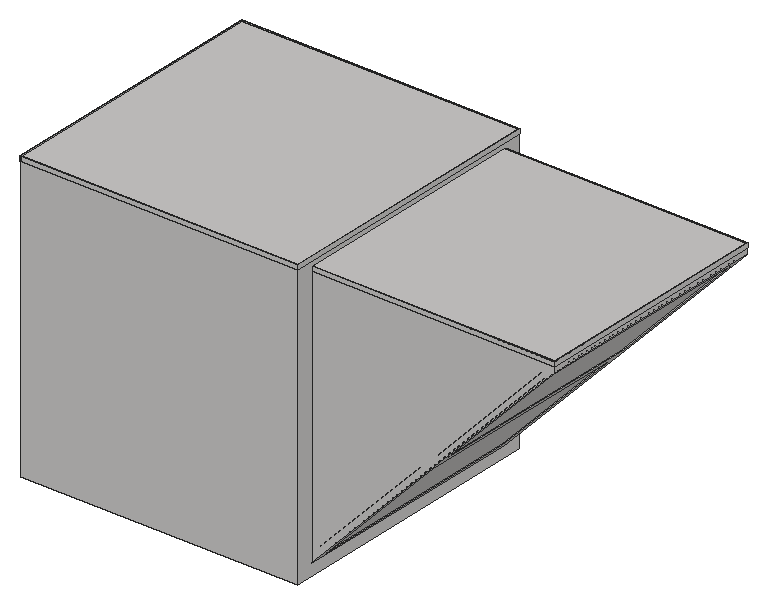
Revit family "Filtered_Supply_Centrifugal-Carnes-VNBL", category Mechanical Equipment, Revit 2012
Parameters (values of type "20 @ 45°")
  ecoScorecard_data = ""
  ecoScorecard Product Page = "http://ecoscorecard.com/"
  Wattage = 0 W
  Warranty = ""
  Voltage = 0 V
  Volt Code = ""
  Unit = Metal - Carnes - Steel
  URL = "http://www.carnes.com/index.html"
  Subcategory = "Filtered Supply Centrifugal"  # constant formula
  Spec Sheet URL = "http://www.carnes.com/Ventilation/pdf/22310.pdf"
  Product Page URL = "http://www.carnes.com/Ventilation/VNBL.htm"
  Power Factor = 0
  Phase = 1
  Parts List URL = ""
  Number of Poles = 1
  Motor Type = ""
  Modeling Numbering System = ""
  Model = "VNBL"  # constant formula
  Material = ""
  Manufacturer Toll Free Phone = ""
  Manufacturer Phone = "608-845-6411"  # constant formula
  Manufacturer Fax = "608-845-6470"  # constant formula
  Manufacturer Email = "mailto:carnes@carnes.com"
  Manufacturer Address = "448 S. Main St., P. O. Box 930040, Verona, WI 53593-0040"  # constant formula
  Manufacturer = "CARNES COMPANY"  # constant formula
  J = 39 3/4"
  IOM Instructions URL = "http://www.carnes.com/Ventilation/pdf/1312.pdf"
  I = 25"
  H = 23"
  G = 14 1/2"
  Frequency = 0 Hz
  F = 11 1/2"
  E = 1 7/8"  # constant formula
  Description = "Filtered Supply Centrifugal"  # constant formula
  Default Elevation = 0"  # constant formula
  D = 44 1/8"
  Cost Info = "mailto:carnes@carnes.com"
  Catalog URL = "http://www.carnes.com/Ventilation/pdf/C166-178.pdf"
  C = 40 1/8"
  B sq. = 45 3/4"
  Assembly Code = "D3040200"
  Apparent Load = 0 VA
  Amperage = 0 A
  A = 47 1/2"
  95 CSI = "15850"  # constant formula
  04 CSI = "23 37 13"  # constant formula
Types (6): name | J | I | H | G | F | D | C | B sq. | A
  (no name) | 39 3/4" | 25" | 23" | 14 1/2" | 11 1/2" | 44 1/8" | 40 1/8" | 45 3/4" | 47 1/2"
  10 @ 45° | 23 3/4" | 11 5/8" | 13 7/8" | 9 1/4" | 8 7/8" | 21 1/8" | 21 3/4" | 29 3/4" | 24 1/2"
  12 @ 45° | 27 3/4" | 13 5/8" | 15 3/4" | 10 1/8" | 9 1/8" | 28 1/8" | 29" | 33 3/4" | 31 1/2"
  15 @ 45° | 27 3/4" | 16 1/8" | 18 7/8" | 9 7/8" | 7 5/8" | 28 1/8" | 29" | 33 3/4" | 31 1/2"
  18 @ 45° | 33 3/4" | 19 1/8" | 22 1/8" | 13 1/4" | 9" | 32 1/8" | 32 1/8" | 39 3/4" | 35 1/2"
  20 @ 45° | 39 3/4" | 25" | 23" | 14 1/2" | 11 1/2" | 44 1/8" | 40 1/8" | 45 3/4" | 47 1/2"
Reference planes (in)
  plane 1 "Center (Front/Back)": y = 0
  plane 2: z = 0
  plane 3 "Center (Left/Right)": x = 0
  plane 4: y = 22.875
  plane 5: y = -22.875
Dimensions and locks (in)
  equal spacing: plane 4, plane 1 "Center (Front/Back)", plane 5
  "B sq.": plane 4 to plane 5
  aligned and locked: level to plane 2
  aligned and locked: plane 1 "Center (Front/Back)" to nested 1
  aligned and locked: plane 1 "Center (Front/Back)" to nested 2
  aligned and locked: plane 3 "Center (Left/Right)" to nested 2
  aligned and locked: plane 3 "Center (Left/Right)" to nested 1
Nested families (in)
  nested 1: "Filter" at (20.0625, 0, 0), type "Filter"
    with j 39 3/4", D 44 1/8", C 40 1/8"
  nested 2: "FILTERED SUPPLY CENTRIFUGAL - BELT DRIVE" at (-22.875, 0, 0), type "CENTRIFUGAL - BELT DRIVE"
    with A 47 1/2", B 45 3/4"
Definition of nested family "Filter"
  Parameters (values of type "Filter")
    j = 23 3/4"
    Offset = 1.00075"
    Material = Metal - Carnes - Steel
    Filter = Metal - Carnes - Steel- Filter
    E = 1 7/8"
    D = 21 1/8"
    C = 21 3/4"
  Reference planes (in)
    plane 1 "Center (Front/Back)": y = 0
    plane 2: z = 0
    plane 3 "Center (Left/Right)": x = 0
    plane 4: x = -10.875
    plane 5: x = 10.875
    plane 6: y = 11.875
    plane 7: y = -11.875
    plane 8: z = 23
    plane 9: z = 1.875
    plane 10: z = 21.25
    plane 11: x = 9.875
    plane 12: z = 20.35743
    plane 13: y = -10.87425
    plane 14: y = 10.87425
    plane 15: z = 21.25
    plane 16: x = -10.75
  Forms (in)
    Sweep 1, solid, material "Metal - Carnes - Steel" <- "Material", detail levels medium+fine
      path origin (0, 0, 0) x (1, 0, 0) y (0, 1, 0)
        loop
          line (-10.875, -11.875) -> (10.875, -11.875) -> (10.875, 11.875) -> (-10.875, 11.875)
      profile origin (0, -11.875, 0) x (0, 1, 0) y (0, 0, 1)
        loop
          line (0, 23) -> (-0.125, 23) -> (-0.125, 22.25) -> (0, 22.25) -> (0, 23)
    Sweep 2, solid, material "Metal - Carnes - Steel" <- "Material", detail levels fine
      path origin (0, 0, 0) x (1, 0, 0) y (0, 1, 0)
        loop
          line (0, 11.875) -> (0, -11.875)
      profile origin (0, 0, 0) x (1, 0, 0) y (0, 0, 1)
        loop
          line (-10.875, 1.875) -> (10.875, 21.25) -> (10.875, 23) -> (-10.875, 23) -> (-10.875, 1.875)
    Extrusion 3, void, detail levels fine
      sketch origin (0, 0, 0) x (1, 0, 0) y (0, 0, 1)
        loop
          line (-10.375, 2.3204) -> (-0.68782, 10.94978) -> (-1.48856, 11.75052) -> (-10.375, 3.96678) -> (-10.375, 2.3204)
        loop
          line (9.30691, 21.20641) -> (0.09168, 12.90733) -> (0.68782, 12.17522) -> (9.87302, 20.35743) -> (9.30691, 21.20641)
      from -10.87425 to 10.87425
    Extrusion 4, solid, material "Metal - Carnes - Steel- Filter" <- "Filter", detail levels fine
      sketch origin (0, 0, -11) x (1, 0, 0) y (0, 0, 1)
        loop
          line (-10.375, 13.76664) -> (9.86681, 31.36675) -> (9.30691, 32.20641) -> (-10.375, 14.96678) -> (-10.375, 13.76664)
      from -10.87425 to 10.87425
    Sweep 5, solid, material "Metal - Carnes - Steel" <- "Material", detail levels coarse
      path origin (0, 0, 0) x (1, 0, 0) y (0, 0, 1)
        loop
          line (0, 23) -> (0, 0)
      profile origin (0, 0, 11.5) x (0, -1, 0) y (1, 0, 0)
        loop
          line (-11.875, -10.875) -> (11.875, -10.875) -> (11.875, 10.875) -> (-11.875, 10.875) -> (-11.875, -10.875)
    Sweep 6, solid, material "Metal - Carnes - Steel" <- "Material", detail levels medium
      path origin (0, 40, 0) x (1, 0, 0) y (0, 1, 0)
        loop
          line (0, -28.125) -> (0, -51.875)
      profile origin (0, 0, 0) x (1, 0, 0) y (0, 0, 1)
        loop
          line (-10.875, 1.875) -> (10.875, 21.25) -> (10.875, 23) -> (-10.875, 23) -> (-10.875, 1.875)
  Cuts and joins
    Extrusion 3 cuts Sweep 2
  Lines and regions (in)
    symbolic lines
      curve 1: line (-10.75, -11.875, 0) -> (10.875, -11.875, 0)
      curve 2: line (-10.75, 11.875, 0) -> (10.875, 11.875, 0)
      curve 3: line (10.875, 11.875, 0) -> (10.875, -11.875, 0)
      curve 7: line (0, 11.875, 23) -> (0, -11.875, 23)
      curve 11: line (0, -11.875, 22.25) -> (0, -11.875, 1.875)
      curve 18: line (-10.875, 0, 23) -> (10.875, 0, 23)
      curve 28: line (-10.875, 0, 1.875) -> (-10.875, 0, 23)
      curve 38: line (0, 11.875, 1.875) -> (0, 11.875, 22.25)
    symbolic lines, detail levels medium+fine
      curve 4: line (11, 12, 0) -> (-10.75, 12, 0)
      curve 5: line (11, -12, 0) -> (11, 12, 0)
      curve 6: line (-10.75, -12, 0) -> (11, -12, 0)
      curve 13: line (0, -12, 22.25) -> (0, 12, 22.25)
      curve 14: line (0, -12, 23) -> (0, -12, 22.25)
      curve 15: line (0, 12, 22.25) -> (0, 12, 23)
      curve 16: line (0, 11.875, 23) -> (0, 12, 23)
      curve 17: line (0, -11.875, 23) -> (0, -12, 23)
      curve 23: line (-10.875, 0, 22.25) -> (11, 0, 22.25)
      curve 24: line (11, 0, 22.25) -> (11, 0, 23)
      curve 25: line (11, 0, 23) -> (10.875, 0, 23)
      curve 26: line (-10.875, 0, 1.875) -> (10.875, 0, 21.25)
      curve 27: line (10.875, 0, 21.25) -> (10.875, 0, 22.25)
      curve 31: line (0, 11.875, 21.25) -> (0, -11.875, 21.25)
      curve 33: line (-10.75, 11.875, 0) -> (-10.75, -11.875, 0)
      curve 34: line (-10.75, 12, 0) -> (-10.75, 11.875, 0)
      curve 35: line (-10.75, -12, 0) -> (-10.75, -11.875, 0)
      curve 39: line (0, -11.875, 1.875) -> (0, 11.875, 1.875)
    symbolic lines, detail levels coarse
      curve 8: line (0, 11.875, 0) -> (0, 11.875, 1.875)
      curve 9: line (0, -11.875, 0) -> (0, 11.875, 0)
      curve 10: line (0, -11.875, 23) -> (0, -11.875, 22.25)
      curve 12: line (0, 11.875, 22.25) -> (0, 11.875, 23)
      curve 19: line (-10.875, 0, 0) -> (-10.875, 0, 1.875)
      curve 20: line (10.875, 0, 0) -> (-10.875, 0, 0)
      curve 21: line (10.875, 0, 23) -> (10.875, 0, 22.25)
      curve 22: line (10.875, 0, 22.25) -> (10.875, 0, 0)
      curve 36: line (-10.75, 11.875, 0) -> (-10.875, 11.875, 0)
      curve 37: line (-10.75, -11.875, 0) -> (-10.875, -11.875, 0)
      curve 40: line (0, -11.875, 1.875) -> (0, -11.875, 0)
    symbolic lines, detail levels fine
      curve 29: line (0, 10.87425, 2.34776) -> (0, 10.87425, 10.94978)
      curve 30: line (0, -10.87425, 2.34776) -> (0, -10.87425, 10.94978)
      curve 32: line (0, 10.87425, 2.34776) -> (0, -10.87425, 2.34776)
      curve 41: line (0, 10.87425, 12.17522) -> (0, -10.87425, 12.17522)
      curve 42: line (0, -10.87425, 10.94978) -> (0, 10.87425, 10.94978)
      curve 43: line (0, 10.87425, 2.76664) -> (0, -10.87425, 2.76664)
      curve 44: line (0, -10.87425, 20.36675) -> (0, 10.87425, 20.36675)
      curve 45: line (0, 10.87425, 12.17522) -> (0, 10.87425, 20.36675)
      curve 46: line (0, -10.87425, 12.17522) -> (0, -10.87425, 20.36675)
  Dimensions and locks (in)
    equal spacing: plane 4, plane 3 "Center (Left/Right)", plane 5
    equal spacing: plane 6, plane 1 "Center (Front/Back)", plane 7
    "D": plane 8 to plane 9
    "j": plane 6 to plane 7
    "C": plane 4 to plane 5
    locked: Sweep 1 sketch curve to plane 8 at 0.75
    "E": plane 9 to level
    locked: plane 8 to plane 10 at 1.75
    locked: plane 11 to plane 5 at 1
    locked: plane 8 to plane 12 at 2.64257
    "Offset": plane 7 to plane 13
    "Offset": plane 14 to plane 6
    locked: Extrusion 3 sketch curve to plane 4 at 0.5
    locked: plane 8 to plane 15 at 1.75
    locked: plane 4 to plane 16 at 0.125
    aligned and locked: plane 2 to level
    aligned and locked: plane 7 to Sweep 1 sketch curve
    aligned and locked: Sweep 1 sketch curve to plane 6
    aligned and locked: plane 5 to Sweep 1 sketch curve
    aligned and locked: Sweep 1 sketch curve to plane 8
    aligned and locked: Sweep 2 sketch curve to plane 3 "Center (Left/Right)"
    aligned and locked: plane 6 to Sweep 2 sketch curve
    aligned and locked: plane 7 to Sweep 2 sketch curve
    aligned and locked: Sweep 2 sketch curve to plane 8
    aligned and locked: Sweep 2 sketch curve to plane 4
    aligned and locked: plane 5 to Sweep 2 sketch curve  (x2)
    aligned and locked: plane 9 to Sweep 2 sketch curve
    aligned and locked: plane 10 to Sweep 2 sketch curve
    aligned and locked: Sweep 2 to Extrusion 3 sketch curve
    aligned and locked: cut or joined group of Sweep 2, Extrusion 3 to plane 13
    aligned and locked: cut or joined group of Sweep 2, Extrusion 3 to plane 14
    aligned and locked: cut or joined group of Sweep 2, Extrusion 3 to Extrusion 3 sketch curve
    aligned and locked: Extrusion 4 sketch curve to cut or joined group of Sweep 2, Extrusion 3  (x2)
    aligned and locked: cut or joined group of Sweep 2, Extrusion 3 to Extrusion 4 sketch curve
    aligned and locked: Extrusion 4 to plane 13
    aligned and locked: Extrusion 4 to plane 14
    aligned and locked: Sweep 5 sketch curve to plane 3 "Center (Left/Right)"
    aligned and locked: plane 8 to Sweep 5 sketch curve
    aligned and locked: level to Sweep 5 sketch curve
    aligned and locked: plane 4 to Sweep 5 sketch curve
    aligned and locked: plane 6 to Sweep 5 sketch curve
    aligned and locked: Sweep 5 sketch curve to plane 7
    aligned and locked: Sweep 5 sketch curve to plane 5
    aligned and locked: plane 6 to Sweep 6 sketch curve
    aligned and locked: plane 7 to Sweep 6 sketch curve
    aligned and locked: Sweep 6 sketch curve to plane 8
    aligned and locked: Sweep 6 sketch curve to plane 5
    aligned and locked: plane 15 to Sweep 6 sketch curve
    aligned and locked: plane 9 to Sweep 6 sketch curve
    aligned and locked: plane 4 to Sweep 6 sketch curve
    aligned and locked: plane 5 to curve 3
    aligned and locked: curve 5 to Sweep 1
    aligned and locked: plane 8 to curve 7
    aligned and locked: curve 9 to level
    aligned and locked: curve 8 to plane 6
    aligned and locked: curve 10 to plane 7
    aligned and locked: curve 14 to Sweep 1
    aligned and locked: curve 15 to Sweep 1
    aligned and locked: curve 17 to plane 8
    aligned and locked: plane 4 to curve 19
    aligned and locked: plane 5 to curve 21
    aligned and locked: curve 18 to plane 8
    aligned and locked: level to curve 20
    aligned and locked: curve 24 to Sweep 1
    aligned and locked: curve 25 to plane 8
    aligned and locked: plane 4 to Sweep 1 sketch curve  (x2)
    aligned and locked: curve 26 to Sweep 6
    aligned and locked: curve 27 to Sweep 6
    aligned and locked: plane 9 to curve 19
    aligned and locked: curve 4 to Sweep 1
    aligned and locked: curve 29 to plane 14
    aligned and locked: plane 13 to curve 30
    aligned and locked: cut or joined group of Sweep 2, Extrusion 3 to curve 31
    aligned and locked: curve 34 to curve 33
    aligned and locked: Sweep 1 to curve 35
    aligned and locked: plane 6 to curve 36
    aligned and locked: plane 16 to curve 36
    aligned and locked: plane 4 to curve 36
    aligned and locked: plane 4 to curve 37
    aligned and locked: plane 16 to curve 37
    aligned and locked: curve 37 to plane 7
    aligned and locked: curve 41 to cut or joined group of Sweep 2, Extrusion 3
    aligned and locked: curve 42 to cut or joined group of Sweep 2, Extrusion 3
    aligned and locked: curve 43 to Extrusion 4
  Automatic sketch dimensions
    profile plane to Sweep 1 sketch curve = 1/8"
    Extrusion 3 sketch curve to plane 12 = 0"
    Extrusion 3 sketch curve to plane 3 "Center (Left/Right)" = 1.48856"
    Extrusion 3 sketch curve to plane 3 "Center (Left/Right)" = 0.68782"
    plane 3 "Center (Left/Right)" to Extrusion 3 sketch curve = 0.09168"
    plane 3 "Center (Left/Right)" to Extrusion 3 sketch curve = 0.68782"
    plane 11 to Extrusion 3 sketch curve = 0.56809"
    Extrusion 3 sketch curve to Extrusion 3 sketch curve = 1.64638"
    Extrusion 3 sketch curve to Extrusion 3 sketch curve = 0.80074"
    Extrusion 3 sketch curve to Extrusion 3 sketch curve = 0.73211"
    Extrusion 3 sketch curve to plane 12 = 0.84898"
    Sweep 6 sketch curve to plane 3 "Center (Left/Right)" = 0"
    Sweep 1 sketch curve to profile plane = 0"
    curve 27 to curve 26 = 0"
    curve 23 to curve 18 = 3/4"
    curve 27 to curve 23 = 0"
    plane 11 to Extrusion 4 sketch curve = 0.00819"
    Extrusion 4 sketch curve to plane 9 = 0.89164"
    plane 9 to curve 8 = 0"
    curve 10 to plane 8 = 3/4"
    curve 13 to plane 8 = 3/4"
    curve 38 to curve 13 = 0"
    curve 30 to curve 43 = 0.41888"
    curve 46 to curve 31 = 0.88325"
    curve 44 to plane 13 = 0"
    curve 45 to plane 14 = 0"
Definition of nested family "FILTERED SUPPLY CENTRIFUGAL - BELT DRIVE"
  Parameters (values of type "CENTRIFUGAL - BELT DRIVE")
    Material = none
    A = 35 1/2"
    B = 39 3/4"
  Reference planes (in)
    plane 1 "Center (Front/Back)": y = 0
    plane 2: z = 0
    plane 3 "Center (Left/Right)": x = 0
    plane 4: x = -19.875
    plane 5: x = 19.875
    plane 6: y = 19.875
    plane 7: y = -19.875
    plane 8: z = 35.5
  Forms (in)
    Sweep 1, solid, material <- "Material"
      path origin (0, 0, 0) x (1, 0, 0) y (0, 0, 1)
        loop
          line (0, 35.5) -> (0, 0)
      profile origin (0, 0, 17.75) x (0, -1, 0) y (1, 0, 0)
        loop
          line (-19.875, -19.875) -> (19.875, -19.875) -> (19.875, 19.875) -> (-19.875, 19.875) -> (-19.875, -19.875)
    Sweep 2, solid, material <- "Material", detail levels medium+fine
      path origin (0, 0, 0) x (1, 0, 0) y (0, 1, 0)
        loop
          line (-19.875, 19.875) -> (-19.875, -19.875) -> (19.875, -19.875) -> (19.875, 19.875) -> (-19.875, 19.875)
      profile origin (-19.875, 0, 0) x (1, 0, 0) y (0, 0, 1)
        loop
          line (0, 35.5) -> (-0.125, 35.5) -> (-0.125, 34.75) -> (0, 34.75) -> (0, 35.5)
  Lines and regions (in)
    symbolic lines
      curve 1: line (-19.875, 19.875, 0) -> (19.875, 19.875, 0)
      curve 2: line (-19.875, 19.875, 0) -> (-19.875, -19.875, 0)
      curve 3: line (-19.875, -19.875, 0) -> (19.875, -19.875, 0)
      curve 4: line (19.875, 19.875, 0) -> (19.875, -19.875, 0)
      curve 5: line (-19.875, 0, 35.5) -> (19.875, 0, 35.5)
      curve 6: line (-19.875, 0, 0) -> (-19.875, 0, 34.75)
      curve 7: line (19.875, 0, 0) -> (-19.875, 0, 0)
      curve 10: line (19.875, 0, 34.75) -> (19.875, 0, 0)
      curve 16: line (0, 19.875, 0) -> (0, 19.875, 34.75)
      curve 17: line (0, 19.875, 35.5) -> (0, -19.875, 35.5)
      curve 18: line (0, 19.875, 0) -> (0, -19.875, 0)
      curve 19: line (0, -19.875, 0) -> (0, -19.875, 34.75)
    symbolic lines, detail levels coarse
      curve 8: line (19.875, 0, 35.5) -> (19.875, 0, 34.75)
      curve 9: line (-19.875, 0, 34.75) -> (-19.875, 0, 35.5)
      curve 20: line (0, -19.875, 34.75) -> (0, -19.875, 35.5)
      curve 21: line (0, 19.875, 34.75) -> (0, 19.875, 35.5)
    symbolic lines, detail levels medium+fine
      curve 11: line (-20, 0, 35.5) -> (-20, 0, 34.75)
      curve 12: line (-20, 0, 34.75) -> (20, 0, 34.75)
      curve 13: line (-20, 0, 35.5) -> (-19.875, 0, 35.5)
      curve 14: line (20, 0, 35.5) -> (20, 0, 34.75)
      curve 15: line (20, 0, 35.5) -> (19.875, 0, 35.5)
      curve 22: line (0, 20, 34.75) -> (0, 20, 35.5)
      curve 23: line (0, -20, 34.75) -> (0, 20, 34.75)
      curve 24: line (0, 20, 35.5) -> (0, 19.875, 35.5)
      curve 25: line (0, -20, 34.75) -> (0, -20, 35.5)
      curve 26: line (0, -20, 35.5) -> (0, -19.875, 35.5)
      curve 27: line (-20, 20, 0) -> (-20, -20, 0)
      curve 28: line (20, 20, 0) -> (-20, 20, 0)
      curve 29: line (20, -20, 0) -> (20, 20, 0)
      curve 30: line (-20, -20, 0) -> (20, -20, 0)
  Dimensions and locks (in)
    equal spacing: plane 4, plane 3 "Center (Left/Right)", plane 5
    equal spacing: plane 6, plane 1 "Center (Front/Back)", plane 7
    "A": plane 8 to level
    "B": plane 6 to plane 7
    "B": plane 4 to plane 5
    locked: Sweep 2 sketch curve to plane 8 at 0.75
    aligned and locked: plane 2 to level
    aligned and locked: Sweep 1 sketch curve to plane 3 "Center (Left/Right)"
    aligned and locked: plane 8 to Sweep 1 sketch curve
    aligned and locked: level to Sweep 1 sketch curve
    aligned and locked: plane 6 to Sweep 1 sketch curve
    aligned and locked: Sweep 1 sketch curve to plane 4
    aligned and locked: plane 7 to Sweep 1 sketch curve
    aligned and locked: Sweep 1 sketch curve to plane 5
    aligned and locked: Sweep 2 sketch curve to plane 4  (x2)
    aligned and locked: plane 7 to Sweep 2 sketch curve
    aligned and locked: Sweep 2 sketch curve to plane 6
    aligned and locked: Sweep 2 sketch curve to plane 5
    aligned and locked: Sweep 2 sketch curve to plane 8
    aligned and locked: curve 1 to plane 6
    aligned and locked: curve 2 to plane 4
    aligned and locked: plane 7 to curve 3
    aligned and locked: curve 4 to plane 5
    aligned and locked: level to curve 7
    aligned and locked: plane 4 to curve 6
    aligned and locked: plane 5 to curve 8
    aligned and locked: curve 11 to Sweep 2
    aligned and locked: curve 12 to Sweep 2
    aligned and locked: curve 13 to plane 8
    aligned and locked: plane 4 to curve 13
    aligned and locked: plane 8 to Sweep 2
    aligned and locked: curve 14 to Sweep 2
    aligned and locked: plane 6 to curve 16
    aligned and locked: plane 8 to curve 17
    aligned and locked: level to curve 18
    aligned and locked: curve 19 to plane 7
    aligned and locked: curve 22 to Sweep 2
    aligned and locked: curve 23 to Sweep 2
    aligned and locked: curve 24 to plane 8
    aligned and locked: plane 6 to curve 24
    aligned and locked: curve 24 to Sweep 2
    aligned and locked: plane 7 to curve 26
    aligned and locked: plane 8 to curve 26
    aligned and locked: curve 27 to Sweep 2
    aligned and locked: curve 28 to Sweep 2
    aligned and locked: curve 29 to Sweep 2
    aligned and locked: curve 30 to Sweep 2
  Automatic sketch dimensions
    profile plane to Sweep 2 sketch curve = 1/8"
    plane 7 to curve 25 = 1/8"
    curve 16 to curve 22 = 0"
    curve 25 to curve 19 = 0"
    curve 6 to curve 11 = 0"
    curve 8 to curve 12 = 0"
